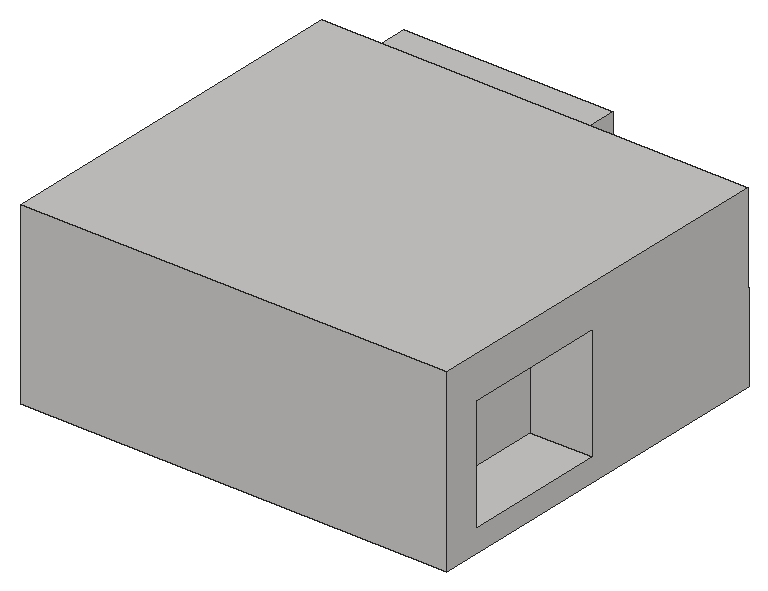
Revit family
Parameters
  Width = 3' - 0 1/8"
  Voltage = 208 V
  Unit Weight = "150.0 lbs"
  UltraLoc Liner = Choose Liner Option = 3  # no
  URL = "http://www.titus-hvac.com/"
  UL = "181"
  Supply Air Flow [instance] = 0 CFM
  SteriLoc Liner = Choose Liner Option = 2  # no
  Primary Air Pressure Drop [instance] = 0.00 in-wg
  Primary Air Flow [instance] = 0 CFM
  Plenum Air Pressure Drop [instance] = 0.00 in-wg
  Plenum Air Flow [instance] = 0 CFM
  Outlet Width = 1' - 2"
  Outlet Vertical Offset = 0' - 1 1/8"
  Outlet Horizontal Offset = 0' - 1 3/8"
  Outlet Height = 0' - 11"
  Number of Poles = 2
  Nominal Width = Width + 0' 6 1/4"  # 3' - 6 3/8"
  Nominal Length = Length + 0' 3 3/8"  # 3' - 8 1/4"
  Nominal Inlet Size = 0' - 8"
  Nominal Height = 1' - 5 1/8"
  NFPA = "90A"
  Motor Full Load Amps = 3 A
  Model = "DTQS"
  Min. Air Flow = 0 CFM
  Max. Air Flow = 0 CFM
  Material = Galvanized Steel
  Manufacturer = "Titus"
  Length = 3' - 4 7/8"
  Juction Box Offset = 0' - 2 7/8"
  Inlet Diameter = Nominal Inlet Size - 0' 0 1/8"  # 0' - 7 7/8"
  Induced Air Inlet Offset = 0' - 4 1/2"
  Induced Air Inlet Width = 1' - 1 1/4"
  Induced Air Inlet Height = 1' - 2 1/2"
  Induced Air Filter = no
  Heating Total Capacity [instance] = 0 Btu/h
  Half Outlet Connection Width = Outlet Width / 2  # 0' - 7"
  Half Outlet Connection Height = Outlet Height / 2  # 0' - 5 1/2"
  Half Height Start = -(Nominal Height / 2)  # -0' - 8 9/16"
  Half Height End = Nominal Height / 2  # 0' - 8 9/16"
  HP-Motor = "1/4"
  Frequency = 60 Hz
  Filter Size = "19\"x17\""
  Fiber Free Liner = Choose Liner Option = 1  # no
  Fan Disconnect Switch = no
  Duct Radius = Nominal Inlet Size / 2  # 0' - 4"
  Description = "Series Fan Powered Terminal Unit, Direct Digital Control, Pressure Independent"
  Connection Void Radius = Connection Radius - 0' 0 1/4"  # 0' - 3 11/16"
  Connection Radius = Inlet Diameter / 2  # 0' - 3 15/16"
  Choose Liner Option = 0
  CADworks URL = "www.CADworks.net"
  Assembly Code = "D3040100"
  Apparent Power = Voltage * Motor Full Load Amps  # 624 VA
  Air Inlet Offset = 0' - 6"
  1/2" Fiberglass Liner = Choose Liner Option = 0  # yes
Reference planes (in)
  plane 1 "Center (Front/Back)": y = 0
  plane 2: z = 0
  plane 3 "Center (Left/Right)": x = 3
  plane 4: x = -17.4375
  plane 5: x = 23.4375
  plane 6: x = -14.5625
  plane 7: x = -20.8125
  plane 8 "Center (Elevation)": z = 0
  plane 9: y = -18.0625
  plane 10: y = 18.0625
  plane 11: y = 12.0625
  plane 12: y = -13.5625
  plane 13: x = -11.4375
  plane 14: x = 17.4375
  plane 15: y = 24.3125
  plane 16: z = 8.5625
  plane 17: z = -8.5625
Forms (in)
  Extrusion 1, solid, material "Galvanized Steel" <- "Material"
    sketch origin (61, -3.76302, 78.80279) x (1, 0, 0) y (0, 1, 0)
      loop
        line (-78.4375, 21.82552) -> (-78.4375, -14.29948) -> (-37.5625, -14.29948) -> (-37.5625, 21.82552) -> (-78.4375, 21.82552)
    from -87.36529 <- "Half Height Start" to -70.24029 <- "Half Height End"
  Extrusion 2, solid, material "Galvanized Steel" <- "Material"
    sketch origin (4.0625, 0, 42) x (1, 0, 0) y (0, 1, 0)
      loop
        line (-18.625, 18.0625) -> (1.375, 18.0625) -> (1.375, 24.3125) -> (-18.625, 24.3125) -> (-18.625, 18.0625)
    from -48 to -36
  Extrusion 3, void
    sketch origin (23.4375, 18.0625, 76.42779) x (0, 1, 0) y (0, 0, -1)
      loop
        line (-18.625, 71.86529) -> (-18.625, 82.86529) -> (-32.625, 82.86529) -> (-32.625, 71.86529) -> (-18.625, 71.86529)
    from 0 to 6
  Extrusion 4, solid, material "Galvanized Steel" <- "Material"
    sketch origin (-24.875, -0.4375, 0) x (0, 0, -1) y (0, 1, 0)
      loop
        circle (0, 12.5) r 3.9375
    from 4.0625 to 7.4375
  Extrusion 5, void
    sketch origin (-24.875, 0, 0) x (0, 1, 0) y (0, 0, 1)
      loop
        circle (12.0625, 0) r 3.6875
    from 4.0625 to 13.4375
  Extrusion 6, void
    sketch origin (-17.4375, -18.0625, 78.67779) x (0, -1, 0) y (0, 0, -1)
      loop
        line (-17.75, 71.49029) -> (-4.5, 71.49029) -> (-4.5, 85.99029) -> (-17.75, 85.99029) -> (-17.75, 71.49029)
    from 0 to 6
Cuts and joins
  Extrusion 3, Extrusion 5, Extrusion 6 cuts Extrusion 1
  Extrusion 5 cuts Extrusion 4
Dimensions and locks (in)
  "Length": plane 5 to plane 4
  equal spacing: plane 5, plane 3 "Center (Left/Right)", plane 4
  locked: Extrusion 2 to plane 6 at 0
  locked: Extrusion 2 to Extrusion 2 at 20
  "Juction Box Offset": plane 6 to plane 4
  "Outlet Height": Extrusion 3 sketch curve to Extrusion 3 sketch curve
  "Outlet Width": Extrusion 3 sketch curve to Extrusion 3 sketch curve
  locked: plane 4 to plane 7 at 3.375
  "Width": plane 9 to plane 10
  equal spacing: plane 9, plane 1 "Center (Front/Back)", plane 10
  locked: Extrusion 4 sketch curve to level at 0
  locked: Extrusion 4 sketch curve to plane 11 at 0
  locked: Extrusion 5 sketch curve to level at 0
  locked: Extrusion 5 sketch curve to plane 11 at 0
  locked: Extrusion 2 to Extrusion 2 at 6.25
  "Air Inlet Offset": plane 10 to plane 11
  locked: Extrusion 2 to plane 10 at 0
  locked: cut or joined group of Extrusion 4, Extrusion 5 to plane 7 at 0
  locked: cut or joined group of Extrusion 4, Extrusion 5 to cut or joined group of Extrusion 4, Extrusion 5 at 3.375
  "Induced Air Inlet Offset": plane 9 to plane 12
  "Induced Air Inlet Width": Extrusion 6 sketch curve to Extrusion 6 sketch curve
  "Induced Air Inlet Height": Extrusion 6 sketch curve to Extrusion 6 sketch curve
  "Induced Air Inlet Offset": Extrusion 6 sketch curve to plane 9
  locked: plane 9 to Extrusion 3 sketch curve at 3.5
  cut or joined group of Extrusion 1, Extrusion 3, Extrusion 5, Extrusion 6 to Extrusion 6 sketch curve = 0' - 1 3/8"
  cut or joined group of Extrusion 1, Extrusion 3, Extrusion 5, Extrusion 6 to Extrusion 3 sketch curve = 0' - 2 1/8"
  locked: Extrusion 2 to Extrusion 2 at 12
  equal spacing: Extrusion 2, level, Extrusion 2
  locked: cut or joined group of Extrusion 1, Extrusion 3, Extrusion 5, Extrusion 6 to cut or joined group of Extrusion 1, Extrusion 3, Extrusion 5, Extrusion 6 at 17.125
  equal spacing: cut or joined group of Extrusion 1, Extrusion 3, Extrusion 5, Extrusion 6, level, cut or joined group of Extrusion 1, Extrusion 3, Extrusion 5, Extrusion 6
  locked: plane 4 to plane 13 at 6
  locked: plane 14 to plane 5 at 6
  "Connection Radius": radius of Extrusion 4 sketch curve
  "Connection Void Radius": radius of Extrusion 5 sketch curve
  aligned and locked: cut or joined group of Extrusion 1, Extrusion 3, Extrusion 5, Extrusion 6 to plane 10
  aligned and locked: plane 9 to cut or joined group of Extrusion 1, Extrusion 3, Extrusion 5, Extrusion 6
  aligned and locked: plane 5 to cut or joined group of Extrusion 1, Extrusion 3, Extrusion 5, Extrusion 6
  aligned and locked: cut or joined group of Extrusion 1, Extrusion 3, Extrusion 5, Extrusion 6 to plane 4
  aligned and locked: Extrusion 3 to plane 14
  aligned and locked: plane 13 to Extrusion 6
  aligned and locked: Extrusion 6 to Extrusion 5
Automatic sketch dimensions
  plane 4 to Extrusion 1 sketch curve = 0' - 0"
  plane 5 to Extrusion 1 sketch curve = 0' - 0"
  plane 9 to Extrusion 1 sketch curve = 0' - 0"
  plane 10 to Extrusion 1 sketch curve = 0' - 0"
  Extrusion 2 sketch curve to plane 6 = 0' - 0"
  Extrusion 2 sketch curve to plane 10 = 0' - 0"
  plane 3 "Center (Left/Right)" to Extrusion 2 sketch curve = 0' - 2 7/16"
  Extrusion 2 sketch curve to plane 10 = 0' - 6 1/4"
Connectors (in)
  electrical at (-4.5625, 24.3125, 0), driven by "Apparent Power", driven by "Voltage", driven by "Number of Poles"
    settings: on Extrusion 2, index 8
  hvac at (-20.8125, 12.0625, 0), driven by "Primary Air Flow", driven by "Duct Radius", driven by "Primary Air Pressure Drop"
    settings: on cut or joined group of Extrusion 4, Extrusion 5, index 9
  hvac at (-17.4375, -6.9375, -0.0625), driven by "Induced Air Inlet Width", driven by "Induced Air Inlet Height", driven by "Plenum Air Pressure Drop", driven by "Plenum Air Flow"
    settings: on cut or joined group of Extrusion 1, Extrusion 3, Extrusion 5, Extrusion 6, index 14
  hvac at (23.4375, -7.5625, -0.9375), driven by "Supply Air Flow", driven by "Outlet Width", driven by "Outlet Height"
    settings: on cut or joined group of Extrusion 1, Extrusion 3, Extrusion 5, Extrusion 6, index 15
